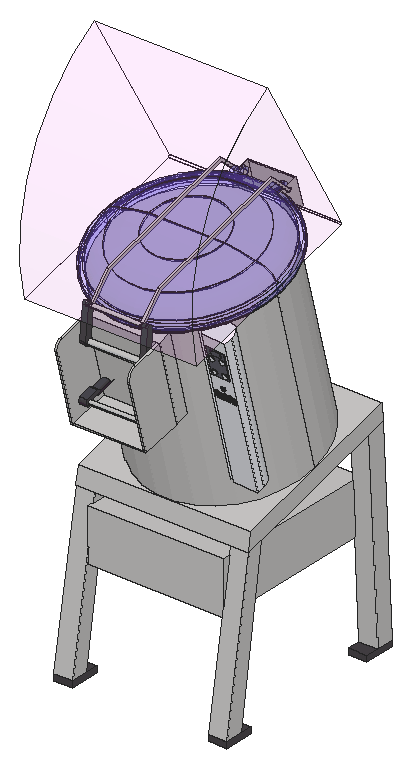
Revit family "QF_ELECTROLUXPROFESSIONAL_603258_TI25FIT", category Attrezzature speciali, Revit 2020
Family settings
  Quota connettore circolare = Usa diametro
  Tipo di parte = Normale
  Basato su piano di lavoro = No
  Sempre verticale = Sì
  Taglio con vuoti quando caricato = No
  Condiviso = Sì
  Punto di calcolo locali = No
Parameters (values of type "Standard")
  Weight = 198.416 lbm
  Watts = 900 W
  Volts = 220 V
  URL Manufacturer = "https://www.electroluxprofessional.com/"
  URL = "https://www.electroluxprofessional.com/"
  Steam Supply Size = 0"
  Steam Supply Minimum Pressure = 0.00 psi
  Steam Supply Maximum Pressure = 0.00 psi
  Steam Consumption per Hour = 0
  Show Logo [instance] = yes
  Show Clearance [instance] = yes
  Refrigeration Suction Line Size = 0 mm
  Refrigeration Liquid Line Size = 0 mm
  Refrigerant Compressor Remote = yes
  Prospetto di default = 0 mm
  Produttore = "Electrolux Professional"
  Phase = 3
  Modello = "TI25FIT"
  Length Actual = 565 mm  # constant formula
  Item Number = "603258"
  Hot Water Size = 0"
  Height Actual = 1425 mm  # constant formula
  HP = "1.2 HP"
  Gas Size = 0"
  Gas KW = 0
  Gas Input Pressure = 0.0 Btu/h
  Direct Waste Size = 1.9685"
  Descrizione = "VEGETABLE PEELER-FLAT PANEL+ABRASIVE+FILTER 25KG 230-400"
  Depth Actual = 880 mm  # constant formula
  Cycle = 50 Hz
  Condensate Return Size = 0"
  Compressed Air Volume = 0 GPM
  Compressed Air Size = 0"
  Compressed Air Pressure = 0.00 psi
  Cold Water Size = 1/2"
  Accessory = yes
Reference planes
  plane 1 "BACK": y = 0
  plane 2: z = 0
  plane 3 "LEFT": x = 0
  plane 4: x = 570
  plane 5 "FRONT": y = -881.749
  plane 6: z = 1430
  plane 7: z = -585.829
  plane 8: z = -685.829
  plane 9: z = -585.829
  plane 10: z = -685.829
  plane 11: z = 1882.67
Forms (mm)
  Extrusion 1, solid, material "QF_Finishes_Stainless Steel"
    sketch origin (653.027, -78.461, 897.274) x (1, 0, 0) y (0, -0.258819, 0.965926)
      loop
        line (-392.404, -132.714) -> (-392.404, -152.714) -> (-372.404, -152.714) -> (-372.404, -132.714) -> (-392.404, -132.714)
    from 0 to 2
  Extrusion 2, solid, material "QF_Finishes_Stainless Steel"
    sketch origin (657.814, -193.327, 327.801) x (1, 0, 0) y (0, 1, 0)
      loop
        circle (-372.814, -140.692) r 24
    from 0 to 10
  Extrusion 3, solid, material "QF_Finishes_Stainless Steel"
    sketch origin (285, -319.388, 721.48) x (-1, 0, 0) y (0, -0.965926, -0.258819)
      loop
        circle (0, 3.772) r 280
    from -53.41 to 559
  Extrusion 4, solid, material "QF_Finishes_White"
    sketch origin (371.302, -406.481, 738.52) x (-0.998361, 0.055288, 0.014814) y (-0.057239, -0.964342, -0.258395)
      loop
        line (-205, 138.822) -> (-205, 113.822)
        arc (-205, 113.822) -> (-190.656, 79.193) -> (-156.026, 64.849) r 48.974
        arc (-156.026, 64.849) -> (-135.584, 100.829) -> (-107.009, 130.762) r 168.966
        line (-107.009, 130.762) -> (-108.423, 132.176) -> (-112.341, 128.259) -> (-122.904, 138.822) -> (-205, 138.822)
    from 0 to 514.168
  Revolve 5, solid, material "Glass"
    sketch origin (285, -150.897, 92.663) x (1, 0, 0) y (0, -0.258819, 0.965926)
      loop
        line (-280.211, 1210) -> (-280.211, 1239.462)
        arc (-280.211, 1239.462) -> (-258.666, 1270.154) -> (-223.051, 1281.892) r 59.572
        arc (-223.051, 1281.892) -> (-174.36, 1296.929) -> (-124.046, 1305.02) r 364.082
        line (-124.046, 1305.02) -> (0, 1305.02) -> (0, 1310) -> (-124.492, 1310)
        arc (-124.492, 1310) -> (-175.048, 1301.903) -> (-223.996, 1286.887) r 369.082
        arc (-223.996, 1286.887) -> (-262.028, 1273.883) -> (-285, 1240.901) r 64.572
        line (-285, 1240.901) -> (-295, 1240.901)
        arc (-295, 1240.901) -> (-299.203, 1239.16) -> (-300.944, 1234.957) r 5.944
        line (-300.944, 1234.957) -> (-302.251, 1220.014) -> (-298.647, 1220.014) -> (-298.647, 1215.014)
        arc (-298.647, 1215.014) -> (-298.197, 1211.593) -> (-295.136, 1210) r 3.736
        line (-295.136, 1210) -> (-280.211, 1210)
      axis (0, 1310) -> (0, 1210)
    angle from 0 to 360
  Extrusion 6, solid, material "QF_Finishes_Stainless Steel"
    sketch origin (285, -241.212, 68.91) x (0, 0.965926, 0.258819) y (0, -0.258819, 0.965926)
      loop
        line (-345, 928.647) -> (-212.799, 922.815) -> (-212.799, 1204.168) -> (-315, 1204.168)
        arc (-315, 1204.168) -> (-336.213, 1195.381) -> (-345, 1174.168) r 30
        line (-345, 1174.168) -> (-345, 928.647)
    from 117 to 124
  Extrusion 7, solid, material "QF_Finishes_Stainless Steel"
    sketch origin (285, -241.212, 11.251) x (0, 0.965926, 0.258819) y (0, -0.258819, 0.965926)
      loop
        line (-330.077, 984.342) -> (-197.875, 978.51) -> (-197.875, 983.515) -> (-330.077, 989.347) -> (-330.077, 984.342)
    from -117 to 117
  Extrusion 8, solid, material "QF_Finishes_Stainless Steel"
    sketch origin (285, -241.212, 68.91) x (0, 0.965926, 0.258819) y (0, 0.258819, -0.965926)
      loop
        line (-345, -928.647) -> (-345, -1174.168)
        arc (-345, -1174.168) -> (-336.213, -1195.381) -> (-315, -1204.168) r 30
        line (-315, -1204.168) -> (-212.799, -1204.168) -> (-212.799, -922.815) -> (-345, -928.647)
    from 117 to 124
  Extrusion 9, solid, material "QF_Finishes_Stainless Steel"
    sketch origin (285, -429.393, 732.38) x (-1, 0, 0) y (0, -0.965926, -0.258819)
      loop
        line (-124, 202.749) -> (-124, 158.483)
        arc (-124, 158.483) -> (0, 186.353) -> (124, 158.483) r 289.789
        line (124, 158.483) -> (124, 202.749) -> (-124, 202.749)
    from 233.383 to 514.2
  Extrusion 10, solid, material "QF_Finishes_Stainless Steel"
    sketch origin (285, -196.894, -5.914) x (0, 0.965926, 0.258819) y (0, -0.258819, 0.965926)
      loop
        circle (-322.843, 1067.894) r 7
    from -99.751 to 98.949
  Extrusion 11, solid, material "QF_Finishes_Black"
    sketch origin (285, -196.894, -5.914) x (0, 0.965926, 0.258819) y (0, -0.258819, 0.965926)
      loop
        arc (-327.843, 1079.894) -> (-330.054, 1057.077) -> (-309.843, 1067.894) r 13
        line (-309.843, 1067.894) -> (-285.666, 1067.894)
        arc (-285.666, 1067.894) -> (-279.666, 1073.894) -> (-285.666, 1079.894) r 6
        line (-285.666, 1079.894) -> (-327.843, 1079.894)
    from -110 to -84.963
  Extrusion 12, solid, material "QF_Finishes_Black"
    sketch origin (285, -530.138, -95.206) x (-1, 0, 0) y (0, -0.258819, 0.965926)
      loop
        circle (97.5, 1067.394) r 12.5
      loop
        circle (-97.5, 1067.394) r 12.5
    from 62.138 to 126.837
  Extrusion 13, solid, material "QF_Finishes_Stainless Steel"
    sketch origin (285, -247.573, 37.913) x (0, 0.965926, 0.258819) y (0, -0.258819, 0.965926)
      loop
        circle (-238.345, 1182.588) r 10
    from -99.751 to 98.949
  Extrusion 14, solid, material "QF_Finishes_Stainless Steel"
    sketch origin (285, -233.422, 70.55) x (0, 0.965926, 0.258819) y (0, -0.258819, 0.965926)
      loop
        circle (-226.381, 1255.311) r 7.369
    from -99.751 to 98.949
  Extrusion 15, solid, material "QF_Finishes_Stainless Steel"
    sketch origin (285, -245.401, 781.681) x (-1, 0, 0) y (0, -0.965926, -0.258819)
      loop
        line (-80, -259.5) -> (80, -259.5) -> (80, -186.298) -> (77, -187.558) -> (77, -256.5) -> (-77, -256.5) -> (-77, -187.558) -> (-80, -186.298) -> (-80, -259.5)
    from 452.976 to 550.901
  Extrusion 16, void
    sketch origin (285, -249.686, 780.533) x (-1, 0, 0) y (0, -0.965926, -0.258819)
      loop
        line (60, -256.5) -> (60, -187.558) -> (-58.869, -187.558) -> (-58.869, -256.5) -> (60, -256.5)
    from 512.875 to 579.395
  Extrusion 17, solid, material "Glass"
    sketch origin (285, -66.816, 115.192) x (0, 0.965926, 0.258819) y (0, -0.258819, 0.965926)
      loop
        circle (218.889, 1232.423) r 6.715
      loop
        line (173.889, 1240.901) -> (197.135, 1240.901)
        arc (197.135, 1240.901) -> (201.694, 1239.012) -> (203.582, 1234.453) r 6.448
        line (203.582, 1234.453) -> (204.586, 1223.774)
        arc (204.586, 1223.774) -> (233.448, 1224.213) -> (218.889, 1249.138) r 16.715
        line (218.889, 1249.138) -> (204.969, 1249.138)
        arc (204.969, 1249.138) -> (201.916, 1259.097) -> (200.342, 1269.395) r 71.492
        line (200.342, 1269.395) -> (149.601, 1269.395)
        arc (149.601, 1269.395) -> (165.038, 1257.955) -> (173.889, 1240.901) r 42.656
    from -70 to 70
  Extrusion 18, solid, material "QF_Finishes_Stainless Steel"
    sketch origin (285, -66.816, 115.192) x (0, 0.965926, 0.258819) y (0, -0.258819, 0.965926)
      loop
        circle (218.889, 1232.423) r 6.715
    from -86 to 86
  Extrusion 19, solid, material "QF_Finishes_Black"
    sketch origin (286.574, 303.642, 1371.382) x (0, 0.0676, 0.997713) y (0, -0.997713, 0.0676)
      loop
        arc (-324.58, 1080.165) -> (-335.678, 1063.269) -> (-315.687, 1060.268) r 12
        line (-315.687, 1060.268) -> (-219.513, 1060.268)
        arc (-219.513, 1060.268) -> (-211.513, 1068.268) -> (-219.513, 1076.268) r 8
        line (-219.513, 1076.268) -> (-324.58, 1080.165)
    from -110 to -89.574
  Extrusion 20, solid, material "QF_Finishes_Black"
    sketch origin (285, -196.894, -5.914) x (0, 0.965926, 0.258819) y (0, 0.258819, -0.965926)
      loop
        line (-327.843, -1079.894) -> (-285.666, -1079.894)
        arc (-285.666, -1079.894) -> (-279.666, -1073.894) -> (-285.666, -1067.894) r 6
        line (-285.666, -1067.894) -> (-309.843, -1067.894)
        arc (-309.843, -1067.894) -> (-330.054, -1057.077) -> (-327.843, -1079.894) r 13
    from -110 to -84.963
  Sweep 21, solid, material "QF_Finishes_Stainless Steel"
    path origin (285, -149.392, 93.066) x (0, 0.965926, 0.258819) y (0, -0.258819, 0.965926)
      loop
        line (304.186, 1232.741) -> (252.969, 1311.608) -> (-227.487, 1311.608) -> (-315.63, 1255.805)
    profile origin (285, -209.57, 1393.994) x (0, -0.669131, -0.743145) y (1, 0, 0)
      loop
        line (-4.107, -88) -> (3.893, -88) -> (3.893, -80) -> (-4.107, -80) -> (-4.107, -88)
  Extrusion 22, solid, material "QF_Finishes_Black"
    sketch origin (283.426, 303.642, 1371.382) x (0, 0.0676, 0.997713) y (0, 0.997713, -0.0676)
      loop
        line (-324.58, -1080.165) -> (-219.513, -1076.268)
        arc (-219.513, -1076.268) -> (-211.513, -1068.268) -> (-219.513, -1060.268) r 8
        line (-219.513, -1060.268) -> (-315.687, -1060.268)
        arc (-315.687, -1060.268) -> (-335.678, -1063.269) -> (-324.58, -1080.165) r 12
    from -110 to -89.574
  Extrusion 23, solid, material "QF_Finishes_Red"
    sketch origin (343.314, -355.002, 37.973) x (0, 0.258819, -0.965926) y (0.998361, -0.055288, -0.014814)
      loop
        line (-1160.201, 165.55) -> (-1142.889, 165.55) -> (-1142.889, 198.25) -> (-1160.201, 198.25) -> (-1160.201, 165.55)
    from 6.646 to 7.446
  Extrusion 24, solid, material "QF_Finishes_White"
    sketch origin (343.314, -354.031, 34.351) x (0, 0.258819, -0.965926) y (0.998361, -0.055288, -0.014814)
      loop
        line (-1141.679, 160.245) -> (-1136.758, 155.325) -> (-1129.799, 155.325) -> (-1124.878, 160.245) -> (-1124.878, 167.204) -> (-1129.799, 172.125) -> (-1136.758, 172.125) -> (-1141.679, 167.204) -> (-1141.679, 160.245)
    from 6.646 to 7.446
  Extrusion 25, solid, material "QF_Finishes_White"
    sketch origin (378.257, -355.966, 33.832) x (0, 0.258819, -0.965926) y (0.998361, -0.055288, -0.014814)
      loop
        line (-1141.679, 160.245) -> (-1136.758, 155.325) -> (-1129.799, 155.325) -> (-1124.878, 160.245) -> (-1124.878, 167.204) -> (-1129.799, 172.125) -> (-1136.758, 172.125) -> (-1141.679, 167.204) -> (-1141.679, 160.245)
    from 6.646 to 7.446
  Extrusion 26, solid, material "QF_Finishes_White"
    sketch origin (378.257, -343.996, -10.842) x (0, 0.258819, -0.965926) y (0.998361, -0.055288, -0.014814)
      loop
        line (-1141.679, 160.245) -> (-1136.758, 155.325) -> (-1129.799, 155.325) -> (-1124.878, 160.245) -> (-1124.878, 167.204) -> (-1129.799, 172.125) -> (-1136.758, 172.125) -> (-1141.679, 167.204) -> (-1141.679, 160.245)
    from 6.646 to 7.446
  Extrusion 27, solid, material "QF_Finishes_White"
    sketch origin (343.314, -342.061, -10.323) x (0, 0.258819, -0.965926) y (0.998361, -0.055288, -0.014814)
      loop
        line (-1141.679, 160.245) -> (-1136.758, 155.325) -> (-1129.799, 155.325) -> (-1124.878, 160.245) -> (-1124.878, 167.204) -> (-1129.799, 172.125) -> (-1136.758, 172.125) -> (-1141.679, 167.204) -> (-1141.679, 160.245)
    from 6.646 to 7.446
  Extrusion 28, solid, material "QF_Finishes_Navy Blue"
    sketch origin (343.36, -354.23, 38.18) x (0, 0.258819, -0.965926) y (0.998361, -0.055288, -0.014814)
      loop
        line (-1165.707, 212.512) -> (-1165.707, 150.465) -> (-1069.185, 150.465) -> (-1069.185, 212.512) -> (-1165.707, 212.512)
    from 6.646 to 7.446
  Sweep 29, solid, material "QF_Finishes_Stainless Steel"
    path origin (285, -149.392, 93.066) x (0, 0.965926, 0.258819) y (0, 0.258819, -0.965926)
      loop
        line (304.186, -1232.741) -> (252.969, -1311.608) -> (-227.487, -1311.608) -> (-315.63, -1255.805)
    profile origin (285, -209.57, 1393.994) x (0, 0.669131, 0.743145) y (-1, 0, 0)
      loop
        line (4.107, -88) -> (4.107, -80) -> (-3.893, -80) -> (-3.893, -88) -> (4.107, -88)
  Extrusion 30, solid, material "QF_Finishes_Stainless Steel"
    sketch origin (0, 1056.034, 97.801) x (0, 1, 0) y (0, 0, 1)
      loop
        line (-1056.034, -77.801) -> (-1091.04, 590.14) -> (-1148.433, 574.762) -> (-1114.234, -77.801) -> (-1056.034, -77.801)
      loop
        line (-1646.238, 441.375) -> (-1737.783, -77.801) -> (-1680.448, -77.801) -> (-1596.09, 454.812) -> (-1646.238, 441.375)
    from 0 to 60
  Extrusion 31, solid, material "QF_Finishes_Stainless Steel"
    sketch origin (570, 1056.034, 97.801) x (0, 1, 0) y (0, 0, -1)
      loop
        line (-1114.234, 77.801) -> (-1148.433, -574.762) -> (-1091.04, -590.14) -> (-1056.034, 77.801) -> (-1114.234, 77.801)
      loop
        line (-1646.238, -441.375) -> (-1596.09, -454.812) -> (-1680.448, 77.801) -> (-1737.783, 77.801) -> (-1646.238, -441.375)
    from 0 to 60
  Extrusion 32, solid, material "QF_Finishes_Black"
    sketch origin (0, 948.888, 0) x (0, 1, 0) y (0, 0, 1)
      loop
        line (-948.888, 20) -> (-1048.888, 20) -> (-1048.888, 0) -> (-948.888, 0) -> (-948.888, 20)
    from 0 to 60
  Extrusion 33, solid, material "QF_Finishes_Black"
    sketch origin (570, 948.888, 0) x (0, 1, 0) y (0, 0, -1)
      loop
        line (-948.888, -20) -> (-948.888, 0) -> (-1048.888, 0) -> (-1048.888, -20) -> (-948.888, -20)
    from 0 to 60
  Extrusion 34, solid, material "QF_Finishes_Black"
    sketch origin (0, 408.017, 0) x (0, 1, 0) y (0, 0, 1)
      loop
        line (-989.766, 20) -> (-1089.766, 20) -> (-1089.766, 0) -> (-989.766, 0) -> (-989.766, 20)
    from 0 to 60
  Extrusion 35, solid, material "QF_Finishes_Black"
    sketch origin (570, 386.26, 0) x (0, 1, 0) y (0, 0, -1)
      loop
        line (-968.009, -20) -> (-968.009, 0) -> (-1068.009, 0) -> (-1068.009, -20) -> (-968.009, -20)
    from 0 to 60
  Extrusion 36, solid, material "QF_Finishes_Stainless Steel"
    sketch origin (285, 1056.034, 97.801) x (0, 1, 0) y (0, 0, 1)
      loop
        line (-1093.853, 643.832) -> (-1636.888, 498.326) -> (-1646.579, 441.284) -> (-1091.04, 590.14) -> (-1093.853, 643.832)
    from -285 to 285
  Revolve 37, solid, material "QF_Finishes_Door Clearance", visible <- "Show Clearance"
    sketch origin (285, -324.551, 1343.63) x (-1, 0, 0) y (0, -1, 0)
      loop
        line (285, 499.501) -> (-285, 499.501) -> (-285, -117.529) -> (285, -117.529) -> (285, 499.501)
      axis (285, -122.529) -> (-285, -122.529)
    angle from 14.936 to -60.064
  Extrusion 38, solid, material "QF_Finishes_Stainless Steel"
    sketch origin (0, -5.126, 97.801) x (0, 1, 0) y (0, 0, 1)
      loop
        line (-611.394, 412.856) -> (-611.394, 240) -> (-46.394, 240) -> (-46.394, 412.856) -> (-611.394, 412.856)
    from 60 to 510
  Extrusion 39, solid, material "QF_Finishes_Stainless Steel"
    sketch origin (545.8, -199.019, 1450.692) x (1, 0, 0) y (0, 0, 1)
      loop
        circle (-372.814, -140.692) r 8
    from -9.349 to 26.528
Cuts and joins
  Extrusion 16 cuts Extrusion 3
  Extrusion 16 cuts Revolve 5
  Extrusion 16 cuts Extrusion 15
  Extrusion 16 cuts Extrusion 17
  Extrusion 16 cuts Extrusion 18
  Extrusion 16 cuts Sweep 21
  Extrusion 16 cuts Sweep 29
Dimensions and locks
  plane 6 to level = 1430 mm
  plane 11 to level = 1882.67 mm
  Extrusion 38 sketch curve to level = 337.801 mm
  Extrusion 39 to level = 1310 mm
  aligned and locked: level to plane 2
Nested families
  nested 1: "ELX_LOGO_MONO_SMALL_BLUE" at (514.903, -624.471, 983.011) x (-0.9984, 0.0553, 0.0148) z (-0.0572, -0.9643, -0.2584), visible <- "Show Logo", Show Logo <- "Show Logo", type "ELX_LOGO_MONO_SMALL_BLUE"
    with Show Logo yes
  nested 2: "ELX_LOGO_WORDS" at (528.001, -630.788, 1003.685) x (0.9984, -0.0553, -0.0148) z (-0.0572, -0.9643, -0.2584), visible <- "Show Logo", Show Logo <- "Show Logo", type "ELX_LOGO_WORDS"
    with Show Logo yes
Connectors
  electrical at (270.623, -41.524, 759.424)
    settings: on Extrusion 1, index 3, voltage 0 V, apparent load 0 VA, apparent load phase1 0 VA, apparent load phase2 0 VA, apparent load phase3 0 VA, power factor 1, load classification "Altro", number of poles 1, system type 30, power factor state 1, is connector primary yes, connector utility no, sub classification motor no, connector description "EI"
  piping at (285, -334.019, 327.801), diameter 48
    settings: on Extrusion 2, index 4, connector inside diameter 24", connector length 0 mm, flow factor 0, pipe flow 0 GPM, pressure drop 0.00 psi, fitting loss kfactor 0, connector angle 0.00°, fixture units 0, engagement length 0 mm, angle of deflection 0.00°, flow configuration 0, flow direction 0, fitting loss method 0, system type 29, joint type 0, gender type 0, connector reference index -1, connector utility 0, adjustable connector no, is connector primary yes, connector description "D"
  piping at (172.986, -189.67, 1310), diameter 12.7
    settings: on Extrusion 39, index 5, connector inside diameter 24", connector length 0 mm, flow factor 0, pipe flow 0 GPM, pressure drop 0.00 psi, fitting loss kfactor 0, connector angle 0.00°, fixture units 0, engagement length 0 mm, angle of deflection 0.00°, flow configuration 0, flow direction 0, fitting loss method 0, system type 29, joint type 0, gender type 0, connector reference index -1, connector utility 0, adjustable connector no, is connector primary no, connector description "CWI"
Definition of nested family "ELX_LOGO_MONO_SMALL_BLUE"
  Parameters (values of type "ELX_LOGO_MONO_SMALL_BLUE")
    Show Logo [instance] = yes
    Default Elevation = 1219.2 mm
  Reference planes
    plane 1 "Center (Front/Back)": y = -49
    plane 2: z = 0
    plane 3 "Center (Left/Right)": x = -9.92
  Forms (mm)
    Extrusion 1, solid
      sketch origin (0, 0, 0) x (1, 0, 0) y (0, 1, 0)
        loop
          line (-1219.2, 1219.2) -> (-1219.2, -1219.2) -> (1219.2, -1219.2) -> (1219.2, 1219.2) -> (-1219.2, 1219.2)
      from 0 to -304.8
    Extrusion 2, solid, visible <- "Show Logo"
      sketch origin (84.462, 509.781, 0) x (1, 0, 0) y (0, 1, 0)
        loop
          line (-96.018, -564.182) -> (-96.018, -553.402)
          arc (-96.018, -553.402) -> (-100.003, -558.792) -> (-96.018, -564.182) r 5.638
        loop
          arc (-95.47, -564.182) -> (-90.987, -563.163) -> (-88.827, -559.105) r 5.525
          line (-88.827, -559.105) -> (-90.61, -559.105)
          arc (-90.61, -559.105) -> (-93.796, -560.398) -> (-95.47, -563.401) r 5.179
          line (-95.47, -563.401) -> (-95.47, -564.182)
        loop
          arc (-95.47, -554.183) -> (-93.796, -557.186) -> (-90.61, -558.479) r 5.179
          line (-90.61, -558.479) -> (-88.827, -558.479)
          arc (-88.827, -558.479) -> (-90.983, -554.387) -> (-95.47, -553.263) r 5.67
          line (-95.47, -553.263) -> (-95.47, -554.183)
        loop
          line (-88.417, -564.77) -> (-88.417, -552.789) -> (-100.415, -552.789) -> (-100.415, -564.77) -> (-88.417, -564.77)
      from 0 to 1.644
  Dimensions and locks
    aligned and locked: plane 2 to Extrusion 1
    aligned and locked: level to Extrusion 1
Definition of nested family "ELX_LOGO_WORDS"
  Parameters (values of type "ELX_LOGO_WORDS")
    Show Logo [instance] = yes
    Default Elevation = 0 mm
  Reference planes
    plane 1 "Centro (Fronte/Retro)": y = 0
    plane 2: z = 0
    plane 3 "Centro (Sinistra/Destra)": x = 0
  Forms (mm)
    Extrusion 1, solid
      sketch origin (0, 0, 0) x (1, 0, 0) y (0, 1, 0)
        loop
          line (-1219.2, 1219.2) -> (-1219.2, -1219.2) -> (1219.2, -1219.2) -> (1219.2, 1219.2) -> (-1219.2, 1219.2)
      from 0 to -304.8
    Extrusion 2, solid, visible <- "Show Logo"
      sketch origin (0, 0, 0) x (1, 0, 0) y (0, 1, 0)
        loop
          line (-30.234, 10.561) -> (-37.67, 10.561) -> (-37.67, 1.902)
          arc (-37.67, 1.902) -> (-36.691, -0.461) -> (-34.329, -1.439) r 3.341
          line (-34.329, -1.439) -> (-30.09, -1.439) -> (-30.09, 0.503) -> (-33.845, 0.503)
          arc (-33.845, 0.503) -> (-35.079, 0.92) -> (-35.604, 2.112) r 1.615
          line (-35.604, 2.112) -> (-35.604, 3.829) -> (-30.555, 3.829) -> (-30.555, 5.779) -> (-35.604, 5.779) -> (-35.604, 8.617) -> (-30.234, 8.617) -> (-30.234, 10.561)
        loop
          line (-28.622, 10.561) -> (-28.622, -1.439) -> (-26.555, -1.439) -> (-26.555, 10.561) -> (-28.622, 10.561)
        loop
          line (16.27, 10.561) -> (16.27, -1.439) -> (18.338, -1.439) -> (18.338, 10.561) -> (16.27, 10.561)
        loop
          line (-23.137, 2.393) -> (-16.354, 2.393)
          arc (-16.354, 2.393) -> (-17.415, 6.119) -> (-21.043, 7.478) r 4.298
          arc (-21.043, 7.478) -> (-24.239, 5.857) -> (-25.151, 2.393) r 4.373
          arc (-25.151, 2.393) -> (-23.951, -0.505) -> (-21.053, -1.705) r 4.097
          arc (-21.053, -1.705) -> (-18.799, -1.372) -> (-16.908, -0.099) r 5.15
          line (-16.908, -0.099) -> (-18.133, 1.125)
          arc (-18.133, 1.125) -> (-19.74, 0.161) -> (-21.607, 0.323) r 3.039
          arc (-21.607, 0.323) -> (-22.746, 1.081) -> (-23.137, 2.393) r 2.013
        loop
          line (-23.085, 3.846) -> (-18.431, 3.846)
          arc (-18.431, 3.846) -> (-19.084, 5.22) -> (-20.519, 5.727) r 1.983
          arc (-20.519, 5.727) -> (-22.175, 5.295) -> (-23.085, 3.846) r 2.321
        loop
          line (-8.297, 4.711) -> (-6.999, 6.009)
          arc (-6.999, 6.009) -> (-8.627, 7.187) -> (-10.604, 7.539) r 4.497
          arc (-10.604, 7.539) -> (-13.621, 6.437) -> (-15.204, 3.642) r 4.652
          arc (-15.204, 3.642) -> (-12.536, -1.257) -> (-7.072, -0.127) r 4.684
          line (-7.072, -0.127) -> (-8.363, 1.163)
          arc (-8.363, 1.163) -> (-11.149, 0.242) -> (-13.145, 2.393) r 2.714
          arc (-13.145, 2.393) -> (-13.006, 4.094) -> (-11.835, 5.335) r 2.578
          arc (-11.835, 5.335) -> (-9.96, 5.621) -> (-8.297, 4.711) r 2.961
        loop
          line (-5.73, 10.561) -> (-5.73, 2.36)
          arc (-5.73, 2.36) -> (-5.551, 1.13) -> (-5.09, -0.025) r 5.301
          arc (-5.09, -0.025) -> (-3.615, -1.198) -> (-1.746, -1.445) r 3.531
          line (-1.746, -1.445) -> (-1.746, 0.492)
          arc (-1.746, 0.492) -> (-2.302, 0.534) -> (-2.82, 0.74) r 1.862
          arc (-2.82, 0.74) -> (-3.484, 1.442) -> (-3.662, 2.393) r 1.713
          line (-3.662, 2.393) -> (-3.662, 5.362) -> (-1.785, 5.362) -> (-1.785, 7.24) -> (-3.662, 7.24) -> (-3.662, 10.561) -> (-5.73, 10.561)
        loop
          arc (2.004, 3.123) -> (2.152, 3.988) -> (2.578, 4.755) r 2.607
          arc (2.578, 4.755) -> (3.817, 5.391) -> (5.208, 5.362) r 2.84
          line (5.208, 5.362) -> (5.208, 7.349)
          arc (5.208, 7.349) -> (3.39, 7.177) -> (2.004, 5.989) r 3.016
          line (2.004, 5.989) -> (2.004, 7.24) -> (-0.046, 7.24) -> (-0.046, -1.439) -> (2.004, -1.439) -> (2.004, 3.123)
        loop
          circle (10.262, 2.899) r 4.599
        loop
          circle (10.262, 2.899) r 2.787
        loop
          arc (25.793, 2.175) -> (25.283, 0.772) -> (23.898, 0.213) r 1.835
          arc (23.898, 0.213) -> (22.514, 0.772) -> (22.004, 2.175) r 1.835
          line (22.004, 2.175) -> (22.004, 7.24) -> (19.919, 7.24) -> (19.919, 2.003)
          arc (19.919, 2.003) -> (21.105, -0.701) -> (23.898, -1.659) r 3.675
          arc (23.898, -1.659) -> (26.723, -0.672) -> (27.877, 2.088) r 3.675
          line (27.877, 2.088) -> (27.877, 7.24) -> (25.793, 7.24) -> (25.793, 2.175)
        loop
          line (29.126, 7.24) -> (32.128, 3.164) -> (28.83, -1.442) -> (31.052, -1.442) -> (33.241, 1.615) -> (35.462, -1.442) -> (37.67, -1.442) -> (34.419, 3.211) -> (37.392, 7.24) -> (35.135, 7.24) -> (33.234, 4.663) -> (31.362, 7.24) -> (29.126, 7.24)
        loop
          line (-35.875, -6.414) -> (-37.523, -6.414) -> (-37.523, -10.564) -> (-36.621, -10.564) -> (-36.621, -9.135) -> (-35.625, -9.135)
          arc (-35.625, -9.135) -> (-34.509, -7.66) -> (-35.875, -6.414) r 1.372
        loop
          arc (-35.664, -8.32) -> (-35.322, -7.786) -> (-35.664, -7.253) r 0.587
          line (-35.664, -7.253) -> (-36.621, -7.253) -> (-36.621, -8.32) -> (-35.664, -8.32)
        loop
          line (-29.363, -6.414) -> (-31.04, -6.414) -> (-31.04, -10.564) -> (-30.138, -10.564) -> (-30.138, -9.135) -> (-29.265, -9.135) -> (-28.669, -10.564) -> (-27.7, -10.564) -> (-28.516, -8.814)
          arc (-28.516, -8.814) -> (-28.125, -8.347) -> (-27.994, -7.752) r 1.281
          arc (-27.994, -7.752) -> (-28.406, -6.804) -> (-29.363, -6.414) r 1.37
        loop
          line (-30.138, -7.253) -> (-30.138, -8.32) -> (-29.18, -8.32)
          arc (-29.18, -8.32) -> (-28.839, -7.786) -> (-29.18, -7.253) r 0.587
          line (-29.18, -7.253) -> (-30.138, -7.253)
        loop
          circle (-22.402, -8.489) r 2.156
        loop
          circle (-22.402, -8.489) r 1.368
        loop
          line (-16.703, -6.414) -> (-16.703, -10.564) -> (-15.823, -10.564) -> (-15.823, -9.114) -> (-14.261, -9.114) -> (-14.261, -8.184) -> (-15.823, -8.184) -> (-15.823, -7.308) -> (-14.111, -7.308) -> (-14.111, -6.414) -> (-16.703, -6.414)
        loop
          line (-10.611, -6.414) -> (-10.611, -9.216)
          arc (-10.611, -9.216) -> (-10.229, -10.166) -> (-9.284, -10.561) r 1.327
          line (-9.284, -10.561) -> (-7.945, -10.561) -> (-7.945, -9.777) -> (-9.204, -9.777)
          arc (-9.204, -9.777) -> (-9.668, -9.394) -> (-9.759, -8.799) r 0.845
          line (-9.759, -8.799) -> (-8.1, -8.799) -> (-8.1, -8.015) -> (-9.759, -8.015) -> (-9.759, -7.198) -> (-7.985, -7.198) -> (-7.985, -6.414) -> (-10.611, -6.414)
        loop
          arc (4.417, -6.94) -> (3.867, -6.489) -> (3.171, -6.345) r 1.485
          arc (3.171, -6.345) -> (2.528, -6.503) -> (2, -6.902) r 1.645
          arc (2, -6.902) -> (1.902, -7.844) -> (2.51, -8.571) r 1.217
          arc (2.51, -8.571) -> (3.021, -8.741) -> (3.506, -8.976) r 4.201
          arc (3.506, -8.976) -> (3.812, -9.337) -> (3.601, -9.761) r 0.43
          arc (3.601, -9.761) -> (3.209, -9.853) -> (2.819, -9.754) r 0.846
          arc (2.819, -9.754) -> (2.482, -9.511) -> (2.275, -9.15) r 0.983
          line (2.275, -9.15) -> (1.549, -9.489)
          arc (1.549, -9.489) -> (1.811, -9.993) -> (2.232, -10.374) r 1.595
          arc (2.232, -10.374) -> (2.71, -10.578) -> (3.227, -10.63) r 1.719
          arc (3.227, -10.63) -> (3.867, -10.503) -> (4.442, -10.197) r 2.246
          arc (4.442, -10.197) -> (4.697, -9.52) -> (4.566, -8.81) r 1.349
          arc (4.566, -8.81) -> (4.282, -8.482) -> (3.919, -8.245) r 1.564
          arc (3.919, -8.245) -> (3.46, -8.04) -> (2.99, -7.864) r 8.236
          arc (2.99, -7.864) -> (2.718, -7.441) -> (3.111, -7.128) r 0.375
          arc (3.111, -7.128) -> (3.581, -7.241) -> (3.943, -7.563) r 0.998
          line (3.943, -7.563) -> (4.417, -6.94)
        loop
          line (8.225, -6.414) -> (8.225, -10.561) -> (9.077, -10.561) -> (9.077, -6.414) -> (8.225, -6.414)
        loop
          circle (14.827, -8.488) r 1.29
        loop
          circle (14.827, -8.488) r 2.154
        loop
          line (20.548, -10.561) -> (21.409, -10.561) -> (21.409, -7.954) -> (23.306, -10.561) -> (24.135, -10.561) -> (24.135, -6.414) -> (23.274, -6.414) -> (23.274, -9.101) -> (21.377, -6.414) -> (20.548, -6.414) -> (20.548, -10.561)
        loop
          line (28.435, -10.561) -> (28.839, -9.667) -> (30.373, -9.667) -> (30.777, -10.561) -> (31.693, -10.561) -> (29.942, -6.414) -> (29.142, -6.414) -> (27.519, -10.561) -> (28.435, -10.561)
        loop
          line (29.99, -8.816) -> (29.579, -7.905) -> (29.18, -8.816) -> (29.99, -8.816)
        loop
          line (35.929, -9.777) -> (35.929, -6.414) -> (35.076, -6.414) -> (35.076, -10.561) -> (37.523, -10.561) -> (37.523, -9.777) -> (35.929, -9.777)
        loop
          arc (-1.8, -6.94) -> (-2.35, -6.489) -> (-3.046, -6.345) r 1.485
          arc (-3.046, -6.345) -> (-3.689, -6.503) -> (-4.218, -6.902) r 1.645
          arc (-4.218, -6.902) -> (-4.316, -7.844) -> (-3.708, -8.571) r 1.217
          arc (-3.708, -8.571) -> (-3.197, -8.741) -> (-2.712, -8.976) r 4.201
          arc (-2.712, -8.976) -> (-2.405, -9.337) -> (-2.616, -9.761) r 0.43
          arc (-2.616, -9.761) -> (-3.008, -9.853) -> (-3.399, -9.754) r 0.846
          arc (-3.399, -9.754) -> (-3.736, -9.511) -> (-3.942, -9.15) r 0.983
          line (-3.942, -9.15) -> (-4.668, -9.489)
          arc (-4.668, -9.489) -> (-4.407, -9.993) -> (-3.985, -10.374) r 1.595
          arc (-3.985, -10.374) -> (-3.507, -10.578) -> (-2.99, -10.63) r 1.719
          arc (-2.99, -10.63) -> (-2.351, -10.503) -> (-1.775, -10.197) r 2.246
          arc (-1.775, -10.197) -> (-1.521, -9.52) -> (-1.652, -8.81) r 1.349
          arc (-1.652, -8.81) -> (-1.936, -8.482) -> (-2.298, -8.245) r 1.564
          arc (-2.298, -8.245) -> (-2.757, -8.04) -> (-3.228, -7.864) r 8.236
          arc (-3.228, -7.864) -> (-3.5, -7.441) -> (-3.107, -7.128) r 0.375
          arc (-3.107, -7.128) -> (-2.636, -7.241) -> (-2.274, -7.563) r 0.998
          line (-2.274, -7.563) -> (-1.8, -6.94)
      from 0 to 1.644
  Dimensions and locks
    aligned and locked: plane 2 to Extrusion 1
    aligned and locked: level to Extrusion 1
